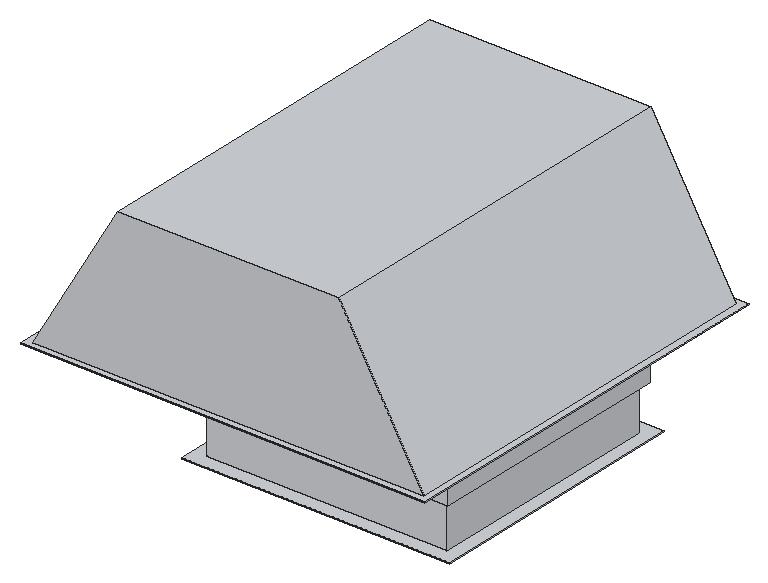
Revit family "HLC-B", category Mechanical Equipment, Revit 2019
Family settings
  Round Connector Dimension = Use Diameter
  Part Type = Normal
  Work Plane-Based = No
  Always vertical = Yes
  Cut with Voids When Loaded = No
  Shared = No
  Room Calculation Point = No
Parameters (values of type "300_HLC-B")
  Unit Weight [instance] = ""
  T_SQ/2 = T_SQ / 2  # 1' - 6"
  T_SQ = 3' - 0"
  Sones [instance] = ""
  R_O/2 = R_O / 2  # 1' - 3 3/4"
  Motor RPM [instance] = ""
  Motor Enclosure [instance] = ""
  ModelID [instance] = ""
  LwA [instance] = ""
  R_O = T_SQ - 0' 4 1/2"  # 2' - 7 1/2"
  G = 0' - 3"
  Fan RPM [instance] = ""
  D/2 = D / 2  # 2' - 5 1/16"
  D-2 = -D + 0' 1"  # -4' - 9 1/8"
  D = 4' - 10 1/8"
  CURB_HEIGHT [instance] = 0' - 9 1/2"
  CURB [instance] = yes
  C/2 = C / 2  # 2' - 5 1/16"
  C-2 = C - 0' 2"  # 4' - 8 1/8"
  C = 4' - 10 1/8"
  Brake Hp [instance] = ""
  BASE_OD = T_SQ + 0' 0 1/4"  # 3' - 0 1/4"
  BASE/2 = BASE_OD / 2  # 1' - 6 1/8"
  B/2 = B / 2  # 0' - 6 1/16"
  B-C = B - C  # -3' - 10"
  B = 1' - 0 1/8"
  Accessories [instance] = ""
  A/2 = A / 2  # 1' - 4 11/16"
  A = 2' - 9 3/8"
  4" = 0' - 4"  # constant formula
  2' = 2' - 0"
  2" = 0' - 2"  # constant formula
  120 = 120.00°
  1" = 0' - 1"  # constant formula
  0 = 0' - 0"  # constant formula
  Voltage [instance] = 0 V
  URL = "www.lorencook.com"
  Type Comments = "Hooded Low-Contour Downblast Centrifugal Exhaust Ventilator Roof Mounted/Belt Drive"  # constant formula
  Static Pressure [instance] = 0.00 in-wg
  Power [instance] = Voltage * Motor FLA * sqrt(if(Phase = 3, 3, 1))  # 0 VA
  Phase [instance] = 0
  Number of Poles [instance] = 1
  Motor Hp [instance] = "0"
  Motor FLA [instance] = 0 A
  Model = "HLC-B"  # constant formula
  Manufacturer = "Loren Cook Company"
  CFM [instance] = 0 CFM
  1.5 = 0' - 1 1/2"  # constant formula
  ONE EIGTH = 0' - 0 1/8"  # constant formula
  -(C/2) = -(C / 2)  # -2' - 5 1/16"
  -(A/2) = -(A / 2)  # -1' - 4 11/16"
Types (19): name | T_SQ/2 | T_SQ | R_O/2 | R_O | G | D/2 | D-2 | D | C/2 | C-2 | C | BASE_OD | BASE/2 | B/2 | B-C | B | A/2 | A | -(C/2) | -(A/2)
  (no name) | 1' - 6" | 3' - 0" | 1' - 3 3/4" | 2' - 7 1/2" | 0' - 3" | 2' - 5 1/16" | -4' - 9 1/8" | 4' - 10 1/8" | 2' - 5 1/16" | 4' - 8 1/8" | 4' - 10 1/8" | 3' - 0 1/4" | 1' - 6 1/8" | 0' - 6 1/16" | -3' - 10" | 1' - 0 1/8" | 1' - 4 11/16" | 2' - 9 3/8" | -2' - 5 1/16" | -1' - 4 11/16"
  100_HLC-B | 0' - 9" | 1' - 6" | 0' - 6 3/4" | 1' - 1 1/2" | 0' - 2" | 1' - 5 1/16" | -2' - 9 1/8" | 2' - 10 1/8" | 1' - 3 5/8" | 2' - 5 1/4" | 2' - 7 1/4" | 1' - 6 1/4" | 0' - 9 1/8" | 0' - 2 5/8" | -2' - 2" | 0' - 5 1/4" | 0' - 8 3/4" | 1' - 5 1/2" | -1' - 3 5/8" | -0' - 8 3/4"
  120_HLC-B | 0' - 10" | 1' - 8" | 0' - 7 3/4" | 1' - 3 1/2" | 0' - 2" | 1' - 5 9/16" | -2' - 10 1/8" | 2' - 11 1/8" | 1' - 5 3/8" | 2' - 8 3/4" | 2' - 10 3/4" | 1' - 8 1/4" | 0' - 10 1/8" | 0' - 2 15/16" | -2' - 4 7/8" | 0' - 5 7/8" | 0' - 9 13/16" | 1' - 7 5/8" | -1' - 5 3/8" | -0' - 9 13/16"
  135_HLC-B | 0' - 10" | 1' - 8" | 0' - 7 3/4" | 1' - 3 1/2" | 0' - 2" | 1' - 5 9/16" | -2' - 10 1/8" | 2' - 11 1/8" | 1' - 5 3/8" | 2' - 8 3/4" | 2' - 10 3/4" | 1' - 8 1/4" | 0' - 10 1/8" | 0' - 2 15/16" | -2' - 4 7/8" | 0' - 5 7/8" | 0' - 9 15/16" | 1' - 7 7/8" | -1' - 5 3/8" | -0' - 9 15/16"
  150_HLC-B | 1' - 0" | 2' - 0" | 0' - 9 3/4" | 1' - 7 1/2" | 0' - 2" | 1' - 9 1/16" | -3' - 5 1/8" | 3' - 6 1/8" | 1' - 8 1/16" | 3' - 2 1/8" | 3' - 4 1/8" | 2' - 0 1/4" | 1' - 0 1/8" | 0' - 3 11/16" | -2' - 8 3/4" | 0' - 7 3/8" | 0' - 10 5/8" | 1' - 9 1/4" | -1' - 8 1/16" | -0' - 10 5/8"
  165_HLC-B | 1' - 0" | 2' - 0" | 0' - 9 3/4" | 1' - 7 1/2" | 0' - 2" | 1' - 9 1/16" | -3' - 5 1/8" | 3' - 6 1/8" | 1' - 8 1/16" | 3' - 2 1/8" | 3' - 4 1/8" | 2' - 0 1/4" | 1' - 0 1/8" | 0' - 3 11/16" | -2' - 8 3/4" | 0' - 7 3/8" | 0' - 10 11/16" | 1' - 9 3/8" | -1' - 8 1/16" | -0' - 10 11/16"
  180_HLC-B | 1' - 3" | 2' - 6" | 1' - 0 3/4" | 2' - 1 1/2" | 0' - 3" | 1' - 11 9/16" | -3' - 10 1/8" | 3' - 11 1/8" | 1' - 9 15/16" | 3' - 5 7/8" | 3' - 7 7/8" | 2' - 6 1/4" | 1' - 3 1/8" | 0' - 4 1/8" | -2' - 11 5/8" | 0' - 8 1/4" | 1' - 1 1/8" | 2' - 2 1/4" | -1' - 9 15/16" | -1' - 1 1/8"
  195_HLC-B | 1' - 3" | 2' - 6" | 1' - 0 3/4" | 2' - 1 1/2" | 0' - 3" | 1' - 11 9/16" | -3' - 10 1/8" | 3' - 11 1/8" | 1' - 9 253/256" | 3' - 5 125/128" | 3' - 7 125/128" | 2' - 6 1/4" | 1' - 3 1/8" | 0' - 4 5/8" | -2' - 10 93/128" | 0' - 9 1/4" | 1' - 1 1/2" | 2' - 3" | -1' - 9 253/256" | -1' - 1 1/2"
  210_HLC-B | 1' - 3" | 2' - 6" | 1' - 0 3/4" | 2' - 1 1/2" | 0' - 3" | 2' - 0 9/16" | -4' - 0 1/8" | 4' - 1 1/8" | 1' - 11 5/16" | 3' - 8 5/8" | 3' - 10 5/8" | 2' - 6 1/4" | 1' - 3 1/8" | 0' - 4 5/8" | -3' - 1 3/8" | 0' - 9 1/4" | 1' - 2 1/8" | 2' - 4 1/4" | -1' - 11 5/16" | -1' - 2 1/8"
  225_HLC-B | 1' - 3" | 2' - 6" | 1' - 0 3/4" | 2' - 1 1/2" | 0' - 3" | 2' - 0 9/16" | -4' - 0 1/8" | 4' - 1 1/8" | 1' - 11 5/16" | 3' - 8 5/8" | 3' - 10 5/8" | 2' - 6 1/4" | 1' - 3 1/8" | 0' - 5" | -3' - 0 5/8" | 0' - 10" | 1' - 2 1/2" | 2' - 5" | -1' - 11 5/16" | -1' - 2 1/2"
  245_HLC-B | 1' - 3" | 2' - 6" | 1' - 0 3/4" | 2' - 1 1/2" | 0' - 3" | 2' - 0 9/16" | -4' - 0 1/8" | 4' - 1 1/8" | 1' - 11 5/16" | 3' - 8 5/8" | 3' - 10 5/8" | 2' - 6 1/4" | 1' - 3 1/8" | 0' - 5 5/16" | -3' - 0" | 0' - 10 5/8" | 1' - 2 13/16" | 2' - 5 5/8" | -1' - 11 5/16" | -1' - 2 13/16"
  270_HLC-B | 1' - 6" | 3' - 0" | 1' - 3 3/4" | 2' - 7 1/2" | 0' - 3" | 2' - 5 1/16" | -4' - 9 1/8" | 4' - 10 1/8" | 2' - 5 1/16" | 4' - 8 1/8" | 4' - 10 1/8" | 3' - 0 1/4" | 1' - 6 1/8" | 0' - 5 1/2" | -3' - 11 1/8" | 0' - 11" | 1' - 4 1/8" | 2' - 8 1/4" | -2' - 5 1/16" | -1' - 4 1/8"
  300_HLC-B | 1' - 6" | 3' - 0" | 1' - 3 3/4" | 2' - 7 1/2" | 0' - 3" | 2' - 5 1/16" | -4' - 9 1/8" | 4' - 10 1/8" | 2' - 5 1/16" | 4' - 8 1/8" | 4' - 10 1/8" | 3' - 0 1/4" | 1' - 6 1/8" | 0' - 6 1/16" | -3' - 10" | 1' - 0 1/8" | 1' - 4 11/16" | 2' - 9 3/8" | -2' - 5 1/16" | -1' - 4 11/16"
  330_HLC-B | 1' - 9" | 3' - 6" | 1' - 6 3/4" | 3' - 1 1/2" | 0' - 3" | 2' - 8 1/2" | -5' - 4" | 5' - 5" | 2' - 8 1/2" | 5' - 3" | 5' - 5" | 3' - 6 1/4" | 1' - 9 1/8" | 0' - 6 9/16" | -4' - 3 7/8" | 1' - 1 1/8" | 1' - 5 11/16" | 2' - 11 3/8" | -2' - 8 1/2" | -1' - 5 11/16"
  365_HLC-B | 1' - 9" | 3' - 6" | 1' - 6 3/4" | 3' - 1 1/2" | 0' - 3" | 2' - 8 1/2" | -5' - 4" | 5' - 5" | 2' - 8 1/2" | 5' - 3" | 5' - 5" | 3' - 6 1/4" | 1' - 9 1/8" | 0' - 7" | -4' - 3" | 1' - 2" | 1' - 6 1/8" | 3' - 0 1/4" | -2' - 8 1/2" | -1' - 6 1/8"
  402_HLC-B | 2' - 0" | 4' - 0" | 1' - 9 3/4" | 3' - 7 1/2" | 0' - 3" | 3' - 3 1/16" | -6' - 5 1/8" | 6' - 6 1/8" | 3' - 5 7/16" | 6' - 8 7/8" | 6' - 10 7/8" | 4' - 0 1/4" | 2' - 0 1/8" | 0' - 7 1/8" | -5' - 8 5/8" | 1' - 2 1/4" | 1' - 9 3/4" | 3' - 7 1/2" | -3' - 5 7/16" | -1' - 9 3/4"
  445_HLC-B | 2' - 3" | 4' - 6" | 2' - 0 3/4" | 4' - 1 1/2" | 0' - 3" | 3' - 3 1/16" | -6' - 5 1/8" | 6' - 6 1/8" | 3' - 5 7/16" | 6' - 8 7/8" | 6' - 10 7/8" | 4' - 6 1/4" | 2' - 3 1/8" | 0' - 8 1/4" | -5' - 6 3/8" | 1' - 4 1/2" | 1' - 10 3/8" | 3' - 8 3/4" | -3' - 5 7/16" | -1' - 10 3/8"
  490_HLC-B | 2' - 3" | 4' - 6" | 2' - 0 3/4" | 4' - 1 1/2" | 0' - 3" | 3' - 3 1/16" | -6' - 5 1/8" | 6' - 6 1/8" | 3' - 5 7/16" | 6' - 8 7/8" | 6' - 10 7/8" | 4' - 6 1/4" | 2' - 3 1/8" | 0' - 9" | -5' - 4 7/8" | 1' - 6" | 1' - 11 1/8" | 3' - 10 1/4" | -3' - 5 7/16" | -1' - 11 1/8"
  540_HLC-B | 2' - 9" | 5' - 6" | 2' - 6 3/4" | 5' - 1 1/2" | 0' - 3" | 4' - 1" | -8' - 1" | 8' - 2" | 4' - 0" | 7' - 10" | 8' - 0" | 5' - 6 1/4" | 2' - 9 1/8" | 0' - 6 13/16" | -6' - 10 3/8" | 1' - 1 5/8" | 1' - 10 15/16" | 3' - 9 7/8" | -4' - 0" | -1' - 10 15/16"
Reference planes (in)
  plane 1 "Center (Front/Back)": y = 0
  plane 2: z = 0
  plane 3 "Center (Left/Right)": x = 0.40541
Forms (in)
  Extrusion 1, solid
    sketch origin (0, 0, 0) x (1, 0, 0) y (0, 1, 0)
      loop
        line (-17.71959, 18.125) -> (-17.71959, -18.125) -> (18.53041, -18.125) -> (18.53041, 18.125) -> (-17.71959, 18.125)
    from 0 to 12.125 <- "B"
  Extrusion 2, void
    sketch origin (0, 0, 0) x (1, 0, 0) y (0, 1, 0)
      loop
        line (-17.59459, 18) -> (-17.59459, -18) -> (18.40541, -18) -> (18.40541, 18) -> (-17.59459, 18)
    from 0 to 3 <- "G"
  Extrusion 3, solid
    sketch origin (0, 0, 12.125) x (1, 0, 0) y (0, 1, 0)
      loop
        line (-28.65709, 22.125) -> (-28.65709, -36) -> (29.46791, -36) -> (29.46791, 22.125) -> (-28.65709, 22.125)
    from 0 to 0.125
  Extrusion 4, solid
    sketch origin (-28.65709, 22.125, 12.125) x (1, 0, 0) y (0, 0, -1)
      loop
        line (57.125, -0.125) -> (1, -0.125) -> (13.19652, -21.25) -> (44.92848, -21.25) -> (57.125, -0.125)
    from -57.125 <- "D-2" to -1
  Extrusion 5, solid, visible <- "CURB"
    sketch origin (0, 0, 3) x (0, 1, 0) y (1, 0, 0)
      loop
        line (17.25, -16.84459) -> (17.25, 17.65541) -> (-17.25, 17.65541) -> (-17.25, -16.84459) -> (17.25, -16.84459)
      loop
        line (-15.75, 16.15541) -> (-15.75, -15.34459) -> (15.75, -15.34459) -> (15.75, 16.15541) -> (-15.75, 16.15541)
    from 0 to 9.5 <- "CURB_HEIGHT"
  Extrusion 6, solid, visible <- "CURB"
    sketch origin (0, 0, -6.5) x (-1, 0, 0) y (0, 1, 0)
      loop
        line (16.84459, -17.25) -> (16.84459, 17.25) -> (-17.65541, 17.25) -> (-17.65541, -17.25) -> (16.84459, -17.25)
      loop
        line (-19.65541, 19.25) -> (-19.65541, -19.25) -> (18.84459, -19.25) -> (18.84459, 19.25) -> (-19.65541, 19.25)
    from 0 to -0.125
Cuts and joins
  Extrusion 2 cuts Extrusion 1
Dimensions and locks (in)
  "BASE/2": Extrusion 1 sketch curve to plane 3 "Center (Left/Right)"
  "BASE/2": plane 3 "Center (Left/Right)" to Extrusion 1 sketch curve
  "BASE/2": plane 1 "Center (Front/Back)" to Extrusion 1 sketch curve
  "BASE/2": Extrusion 1 sketch curve to plane 1 "Center (Front/Back)"
  "T_SQ/2": Extrusion 2 sketch curve to plane 3 "Center (Left/Right)"
  "T_SQ/2": plane 3 "Center (Left/Right)" to Extrusion 2 sketch curve
  "T_SQ/2": plane 1 "Center (Front/Back)" to Extrusion 2 sketch curve
  "T_SQ/2": Extrusion 2 sketch curve to plane 1 "Center (Front/Back)"
  "D": Extrusion 3 sketch curve to Extrusion 3 sketch curve
  "C": Extrusion 3 sketch curve to Extrusion 3 sketch curve
  "C/2": Extrusion 3 sketch curve to plane 3 "Center (Left/Right)"
  "4"": Extrusion 3 sketch curve to cut or joined group of Extrusion 1, Extrusion 2
  "A": level to Extrusion 4 sketch curve
  "1"": Extrusion 3 to Extrusion 4 sketch curve  (x2)
  "R_O/2": Extrusion 5 sketch curve to plane 3 "Center (Left/Right)"
  "R_O/2": plane 3 "Center (Left/Right)" to Extrusion 5 sketch curve
  "R_O/2": plane 1 "Center (Front/Back)" to Extrusion 5 sketch curve
  "R_O/2": Extrusion 5 sketch curve to plane 1 "Center (Front/Back)"
  "1.5": Extrusion 5 sketch curve to Extrusion 5 sketch curve  (x4)
  "0": Extrusion 5 to Extrusion 6 sketch curve
  "0": Extrusion 6 sketch curve to Extrusion 5  (x3)
  "2"": Extrusion 6 sketch curve to Extrusion 6 sketch curve  (x4)
  "120": angle Extrusion 4 sketch curve to Extrusion 4 sketch curve  (x2)
Automatic sketch dimensions
  Extrusion 4 sketch curve to Extrusion 3 = 0' - 0"
Connectors (in)
  hvac at (0.40541, 0, 3), driven by "R_O", driven by "R_O", driven by "CFM"
    settings: on cut or joined group of Extrusion 1, Extrusion 2, index 1, duct flow 0 CFM, flow factor 0, pres drop 0.00 in-wg, loss coef 0, conn angle 0.00°, conn width 31 1/2", conn height 31 1/2", conn diameter 24", duct sys type 3, conn prof type 1, flow config 0, flow direction 1, loss method 0, conn ref index -1, conn util no, is conn primary yes, conn desc ""
  electrical at (0.40541, 0, 3)
    settings: on cut or joined group of Extrusion 1, Extrusion 2, index 3, voltage 0 V, apparent load 0 VA, apparent load phase1 0 VA, apparent load phase2 0 VA, apparent load phase3 0 VA, power factor 1, load classification "Other", number of poles 1, system type 30, power factor state 1, is connector primary yes, connector utility no, sub classification motor no, connector description ""
